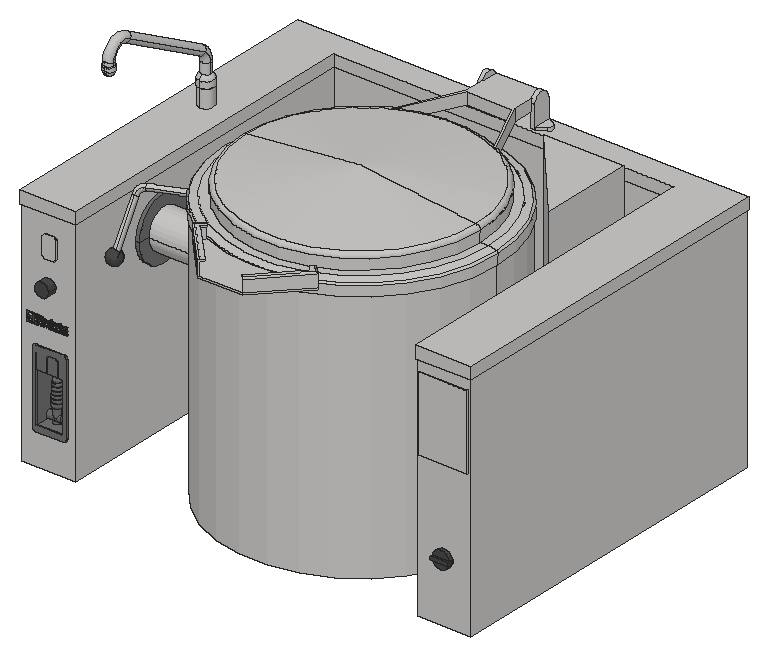
Revit family "QF_ELECTROLUXPROFESSIONAL_586920_PBOT15GDCS", category Specialty Equipment, Revit 2018
Family settings
  Round Connector Dimension = Use Radius
  Part Type = Normal
  Work Plane-Based = No
  Always vertical = Yes
  Cut with Voids When Loaded = No
  Shared = Yes
  Room Calculation Point = No
Parameters (values of type "Standard")
  Weight = 270.00 kg
  Watts = 0 W
  Volts = 230 V
  URL Manufacturer = "http://professional.electrolux.com"
  URL = "http://professional.electrolux.com"
  Tilt Clearance [instance] = 1165 mm
  Steam Supply Size = 0"
  Steam Supply Minimum Pressure = 0.00 psi
  Steam Supply Maximum Pressure = 0.00 psi
  Steam Pounds per Hour = 0
  Show Logo [instance] = yes
  Refrigeration Suction Line Size = 0"
  Refrigeration Liquid Line Size = 0"
  Refrigerant Compressor Remote = yes
  Plinth Base Finish [instance] = QF_Finishes_Concrete
  Plinth Base [instance] = not(Base Height = 500 mm)  # yes
  Phase = 1
  Open Clearance [instance] = 945 mm
  Model = "PBOT15GDCS"
  Manufacturer = "Electrolux Professional"
  Length Actual = 1300 mm  # constant formula
  Item Number = "586920"
  Hot Water Size = 1/2"
  Height Actual = 700 mm  # constant formula
  HP = "0.3 HP"
  Gas Size = 1"
  Gas KW = 26
  Gas Input Pressure = 0.976355 Btu/h
  Direct Waste Size = 0"
  Description = "GAS BOILING PAN,TILTING,AUTO H/C WATER FILL INLET,SPRAY GUN, 150L,H700,FS,D1000,REAR CLS KIT,GUID.COOK.S"
  Depth Actual = 1000 mm  # constant formula
  Cycle = 50 Hz
  Condensate Return Size = 0"
  Compressed Air Volume = 0 GPM
  Compressed Air Size = 0"
  Compressed Air Pressure = 0.00 psi
  Cold Water Size = 1/2"
  Bracket [instance] = Base Height = 500 mm  # no
  Body Finish [instance] = QF_Finishes_Stainless Steel
  Base Height = 200 mm
  Show Clearance [instance] = yes
  Assembly Code = ""
  Accessory = yes
Reference planes
  plane 1 "BACK": y = 200
  plane 2: z = 0
  plane 3 "LEFT": x = 0
  plane 4 "RIGHT": x = 1300
  plane 5 "FRONT": y = -800
  plane 6 "TOP": z = 900
  plane 7: z = 200
  plane 8 "Center": x = 650
  plane 9: z = 1845
  plane 10: y = -890
  plane 11 "Vessel X axis": y = -383
  plane 12: x = 295
  plane 13: y = -493
  plane 14: x = 295
  plane 15 "Top Level": z = 1011
Forms (mm)
  Extrusion 1, solid, material "QF_Finishes_Stainless Steel" <- "Body Finish"
    sketch origin (0, 0, -100) x (1, 0, 0) y (0, 1, 0)
      loop
        line (0, 200) -> (0, -800) -> (160, -800) -> (160, 131.55) -> (1140, 131.55) -> (1140, -800) -> (1300, -800) -> (1300, 200) -> (0, 200)
    from 965 to 1000
  Extrusion 2, solid, material "QF_Finishes_Stainless Steel" <- "Body Finish"
    sketch origin (0, 0, 883.515) x (-1, 0, 0) y (0, -1, 0)
      loop
        line (-585, 890) -> (-715, 890) -> (-829.852, 765.434) -> (-808.623, 744.205)
        arc (-808.623, 744.205) -> (-650, 777.5) -> (-491.377, 744.205) r 394.5
        line (-491.377, 744.205) -> (-470.148, 765.434) -> (-585, 890)
    from 35.452 to 40.127
  Revolve 3, solid, material "QF_Finishes_Stainless Steel" <- "Body Finish"
    sketch origin (0, 50.89, 727.5) x (-1, 0, 0) y (0, -1, 0)
      loop
        line (-170, 486.89) -> (-170, 453.89) -> (-157, 453.89) -> (-157, 543.89) -> (-1143, 543.89) -> (-1143, 453.89) -> (-1130, 453.89) -> (-1130, 486.89) -> (-170, 486.89)
      axis (-1143, 543.89) -> (-157, 543.89)
    angle from 0 to 360
  Extrusion 4, solid, material "QF_Finishes_Stainless Steel" <- "Body Finish"
    sketch origin (0, 200, 0) x (1, 0, 0) y (0, 0, 1)
      loop
        circle (1220, 450) r 10
    from 3 to 0
  Extrusion 5, solid, material "QF_Finishes_Stainless Steel" <- "Body Finish"
    sketch origin (650, 0, 0) x (0, 1, 0) y (0, 0, 1)
      loop
        line (189, 900) -> (189, 963.742)
        arc (189, 963.742) -> (165, 987.742) -> (141, 963.742) r 24
        line (141, 963.742) -> (141, 900) -> (189, 900)
    from 69.2 to 82.1
  Revolve 6, solid, material "QF_Finishes_Stainless Steel" <- "Body Finish"
    sketch origin (0, -383, 0) x (-1, 0, 0) y (0, 0, 1)
      loop
        line (-650, 1011) -> (-650, 930.08) -> (-306.999, 930.08) -> (-306.999, 960.757)
        arc (-306.999, 960.757) -> (-310.325, 969.407) -> (-318.59, 973.601) r 12.912
        arc (-318.59, 973.601) -> (-483.6, 998.46) -> (-650, 1011) r 2246.096
      axis (-650, 1011) -> (-650, 930.08)
    angle from 0 to 360
  Sweep 7, solid, material "QF_Finishes_Stainless Steel" <- "Body Finish"
    path in 3D
      loop
        line (715, -890, 923.642) -> (829.852, -765.434, 923.642) -> (808.623, -744.205, 923.642)
    profile origin (772.426, -827.717, 923.642) x (-0.735191, 0.67786, 0) y (0, 0, 1)
      loop
        line (0, 0) -> (2.5, 0) -> (2.5, 35.781)
        arc (2.5, 35.781) -> (3.003, 36.997) -> (4.219, 37.5) r 1.719
        line (4.219, 37.5) -> (15.313, 37.5) -> (15.313, 40) -> (4.052, 40)
        arc (4.052, 40) -> (1.187, 38.813) -> (0, 35.948) r 4.052
        line (0, 35.948) -> (0, 0)
  Extrusion 8, solid, material "QF_Finishes_Stainless Steel" <- "Body Finish"
    sketch origin (0, 200, 0) x (1, 0, 0) y (0, 0, 1)
      loop
        line (157, 865) -> (157, 500) -> (1143, 500) -> (1143, 865) -> (157, 865)
    from 3 to 65.418
  Extrusion 9, solid, material "QF_Finishes_Stainless Steel" <- "Body Finish"
    sketch origin (650, 0, 0) x (0, 1, 0) y (0, 0, 1)
      loop
        line (189, 900) -> (189, 963.742)
        arc (189, 963.742) -> (165, 987.742) -> (141, 963.742) r 24
        line (141, 963.742) -> (141, 900) -> (189, 900)
    from -82.1 to -69.2
  Extrusion 10, solid, material "QF_Finishes_Stainless Steel" <- "Body Finish"
    sketch origin (0, 0, 1011) x (0, -1, 0) y (1, 0, 0)
      loop
        line (135.733, 481.526) -> (-79, 584.501) -> (-79, 715.499) -> (135.733, 818.474) -> (140.39, 825.445) -> (-83.565, 719.2) -> (-189, 719.2) -> (-189, 580.8) -> (-84, 580.8) -> (140.464, 474.444) -> (135.733, 481.526)
    from -71.258 to -37.399
  Sweep 11, solid, material "QF_Finishes_Stainless Steel" <- "Body Finish"
    path in 3D
      loop
        line (491.377, -744.205, 923.642) -> (470.148, -765.434, 923.642) -> (585, -890, 923.642)
    profile origin (527.574, -827.717, 923.642) x (0.735191, 0.67786, 0) y (0, 0, 1)
      loop
        line (0, 0) -> (2.5, 0) -> (2.5, 35.781)
        arc (2.5, 35.781) -> (3.003, 36.997) -> (4.219, 37.5) r 1.719
        line (4.219, 37.5) -> (15.313, 37.5) -> (15.313, 40) -> (4.052, 40)
        arc (4.052, 40) -> (1.187, 38.813) -> (0, 35.948) r 4.052
        line (0, 35.948) -> (0, 0)
  Extrusion 12, solid, material "QF_Finishes_Stainless Steel" <- "Body Finish"
    sketch origin (0, 0, 900) x (-1, 0, 0) y (0, -1, 0)
      loop
        arc (-758.472, -155.346) -> (-764.2, -165) -> (-758.472, -174.654) r 11
        line (-758.472, -174.654) -> (-732.1, -189.055) -> (-732.1, -140.945) -> (-758.472, -155.346)
      loop
        line (-541.528, -155.346) -> (-567.9, -140.945) -> (-567.9, -189.055) -> (-541.528, -174.654)
        arc (-541.528, -174.654) -> (-535.8, -165) -> (-541.528, -155.346) r 11
    from 0 to 8
  Revolve 13, solid, material "QF_Finishes_Stainless Steel" <- "Body Finish"
    sketch origin (0, -383, 0) x (-1, 0, 0) y (0, 0, 1)
      loop
        line (-650, 930.08) -> (-650, 159.763) -> (-260.5, 159.763) -> (-260.5, 890.048) -> (-255.5, 890.048) -> (-255.5, 918.412) -> (-259.882, 924.275) -> (-280.728, 930.08) -> (-650, 930.08)
      axis (-650, 930.08) -> (-650, 159.763)
    angle from 0 to 360
  Revolve 14, solid, material "QF_Finishes_Clearance", visible <- "Show Clearance", detail levels coarse
    sketch origin (650, 0, 0) x (0, 1, 0) y (0, 0, 1)
      loop
        line (-63.822, 1515.791) -> (-196.661, 1845) -> (-229.118, 1831.903) -> (-96.279, 1502.694) -> (-63.822, 1515.791)
      axis (-63.822, 1515.791) -> (-96.279, 1502.694)
    angle from 0 to 360
  Extrusion 15, solid, material "QF_Finishes_Stainless Steel" <- "Body Finish"
    sketch origin (1100, -797, 0) x (-1, 0, 0) y (0, 0, -1)
      loop
        line (-50, -833.989) -> (-50, -618.989) -> (-189.292, -618.989) -> (-189.292, -833.989) -> (-50, -833.989)
      loop
        line (1029.661, -812.084) -> (1036.975, -804.77) -> (1036.975, -754.399) -> (1029.661, -747.084) -> (1004.29, -747.084) -> (996.975, -754.399) -> (996.975, -804.77) -> (1004.29, -812.084) -> (1029.661, -812.084)
    from 0 to 3
  Extrusion 16, solid, material "QF_Finishes_Black"
    sketch origin (1400, -797, -30) x (-1, 0, 0) y (0, 0, -1)
      loop
        circle (180.286, -405.28) r 25
    from 0 to 10.306
  Extrusion 17, solid, material "QF_Finishes_Black"
    sketch origin (1400, -797, -30) x (-1, 0, 0) y (0, 0, -1)
      loop
        arc (204.667, -410.806) -> (205.286, -405.28) -> (204.667, -399.753) r 25
        line (204.667, -399.753) -> (155.904, -399.753)
        arc (155.904, -399.753) -> (155.286, -405.28) -> (155.904, -410.806) r 25
        line (155.904, -410.806) -> (204.667, -410.806)
    from 0 to 18.276
  Extrusion 18, solid, material "QF_Finishes_Black"
    sketch origin (160, -797, 0) x (-1, 0, 0) y (0, 0, -1)
      loop
        circle (80.781, -678.5) r 20
    from 0 to 25
  Extrusion 19, solid, material "QF_Finishes_Stainless Steel" <- "Body Finish", visible <- "Bracket"
    sketch origin (0, 137, -14) x (0, 1, 0) y (0, 0, 1)
      loop
        line (60, 514) -> (-140, 514) -> (-140, 400) -> (-76.36, 336.36) -> (60, 336.36) -> (60, 514)
    from 25.741 to 134.773
  Extrusion 20, solid, material "QF_Finishes_Stainless Steel" <- "Body Finish", visible <- "Bracket"
    sketch origin (1300, 100, 0) x (0, 1, 0) y (0, 0, 1)
      loop
        line (97, 322.36) -> (97, 500) -> (-103, 500) -> (-103, 386) -> (-39.36, 322.36) -> (97, 322.36)
    from -133.886 to -23.363
  Extrusion 21, solid, material "QF_Finishes_Stainless Steel" <- "Body Finish"
    sketch origin (1400, 200, 0) x (-1, 0, 0) y (0, 0, -1)
      loop
        circle (1350, -395) r 6.35
      loop
        circle (1289.429, -395) r 6.35
      loop
        circle (1319.429, -345) r 12.7
    from 3 to 0
  Extrusion 22, solid, material "QF_Finishes_Stainless Steel" <- "Body Finish"
    sketch origin (0, 0, 0) x (1, 0, 0) y (0, 1, 0)
      loop
        line (1116.003, -18.227) -> (886.003, -18.227) -> (1116.003, -288.227) -> (1116.003, -18.227)
    from 378.064 to 1011
  Extrusion 23, solid, material "QF_Finishes_Stainless Steel" <- "Body Finish"
    sketch origin (0, 0, 0) x (1, 0, 0) y (0, 1, 0)
      loop
        line (1089.577, -257.205) -> (911.249, -47.863) -> (869.377, -85.955)
        arc (869.377, -85.955) -> (965.621, -191.311) -> (1014.735, -325.291) r 369.272
        line (1014.735, -325.291) -> (1089.577, -257.205)
    from 383.064 to 403.064
  Extrusion 24, solid, material "QF_Finishes_Stainless Steel" <- "Body Finish"
    sketch origin (0, 0, 0) x (1, 0, 0) y (0, 1, 0)
      loop
        line (157, 197) -> (3, 197) -> (3, -797) -> (157, -797) -> (157, 197)
      loop
        line (1297, 197) -> (1143, 197) -> (1143, -797) -> (1297, -797) -> (1297, 197)
    from 200 to 865
  Extrusion 25, solid, material "Navy Blue", visible <- "Show Logo"
    sketch origin (160, -797, 0) x (-1, 0, 0) y (0, 0, -1)
      loop
        line (101.332, -593.18) -> (109.793, -593.18) -> (109.793, -583.327)
        arc (109.793, -583.327) -> (108.679, -580.639) -> (105.991, -579.525) r 3.802
        line (105.991, -579.525) -> (101.168, -579.525) -> (101.168, -581.736) -> (105.441, -581.736)
        arc (105.441, -581.736) -> (106.845, -582.21) -> (107.442, -583.566) r 1.838
        line (107.442, -583.566) -> (107.442, -585.52) -> (101.698, -585.52) -> (101.698, -587.738) -> (107.442, -587.738) -> (107.442, -590.968) -> (101.332, -590.968) -> (101.332, -593.18)
      loop
        line (99.498, -593.18) -> (99.498, -579.525) -> (97.146, -579.525) -> (97.146, -593.18) -> (99.498, -593.18)
      loop
        line (48.417, -593.18) -> (48.417, -579.525) -> (46.064, -579.525) -> (46.064, -593.18) -> (48.417, -593.18)
      loop
        line (93.257, -583.886) -> (85.539, -583.886)
        arc (85.539, -583.886) -> (86.746, -588.126) -> (90.874, -589.672) r 4.89
        arc (90.874, -589.672) -> (94.51, -587.828) -> (95.548, -583.886) r 4.976
        arc (95.548, -583.886) -> (94.182, -580.589) -> (90.886, -579.224) r 4.662
        arc (90.886, -579.224) -> (88.32, -579.602) -> (86.169, -581.05) r 5.86
        line (86.169, -581.05) -> (87.562, -582.444)
        arc (87.562, -582.444) -> (89.391, -581.347) -> (91.516, -581.531) r 3.458
        arc (91.516, -581.531) -> (92.812, -582.394) -> (93.257, -583.886) r 2.29
      loop
        line (93.198, -585.539) -> (87.902, -585.539)
        arc (87.902, -585.539) -> (88.645, -587.103) -> (90.278, -587.679) r 2.256
        arc (90.278, -587.679) -> (92.162, -587.188) -> (93.198, -585.539) r 2.64
      loop
        line (76.371, -586.524) -> (74.894, -588)
        arc (74.894, -588) -> (76.746, -589.341) -> (78.997, -589.742) r 5.117
        arc (78.997, -589.742) -> (82.429, -588.487) -> (84.231, -585.308) r 5.293
        arc (84.231, -585.308) -> (81.194, -579.733) -> (74.977, -581.018) r 5.33
        line (74.977, -581.018) -> (76.446, -582.487)
        arc (76.446, -582.487) -> (79.616, -581.438) -> (81.887, -583.886) r 3.088
        arc (81.887, -583.886) -> (81.729, -585.821) -> (80.396, -587.234) r 2.933
        arc (80.396, -587.234) -> (78.264, -587.559) -> (76.371, -586.524) r 3.369
      loop
        line (73.45, -593.18) -> (73.45, -583.849)
        arc (73.45, -583.849) -> (73.246, -582.449) -> (72.722, -581.135) r 6.031
        arc (72.722, -581.135) -> (71.044, -579.8) -> (68.918, -579.519) r 4.018
        line (68.918, -579.519) -> (68.918, -581.723)
        arc (68.918, -581.723) -> (69.55, -581.771) -> (70.139, -582.005) r 2.118
        arc (70.139, -582.005) -> (70.895, -582.804) -> (71.098, -583.886) r 1.949
        line (71.098, -583.886) -> (71.098, -587.265) -> (68.962, -587.265) -> (68.962, -589.401) -> (71.098, -589.401) -> (71.098, -593.18) -> (73.45, -593.18)
      loop
        arc (64.65, -584.717) -> (64.482, -585.701) -> (63.997, -586.574) r 2.967
        arc (63.997, -586.574) -> (62.588, -587.297) -> (61.004, -587.265) r 3.231
        line (61.004, -587.265) -> (61.004, -589.525)
        arc (61.004, -589.525) -> (63.073, -589.33) -> (64.65, -587.977) r 3.432
        line (64.65, -587.977) -> (64.65, -589.401) -> (66.983, -589.401) -> (66.983, -579.525) -> (64.65, -579.525) -> (64.65, -584.717)
      loop
        circle (55.254, -584.461) r 5.233
      loop
        circle (55.254, -584.461) r 3.172
      loop
        arc (37.582, -583.638) -> (38.162, -582.041) -> (39.738, -581.405) r 2.088
        arc (39.738, -581.405) -> (41.313, -582.041) -> (41.894, -583.638) r 2.088
        line (41.894, -583.638) -> (41.894, -589.401) -> (44.266, -589.401) -> (44.266, -583.442)
        arc (44.266, -583.442) -> (42.916, -580.365) -> (39.738, -579.275) r 4.181
        arc (39.738, -579.275) -> (36.524, -580.398) -> (35.211, -583.539) r 4.181
        line (35.211, -583.539) -> (35.211, -589.401) -> (37.582, -589.401) -> (37.582, -583.638)
      loop
        line (33.789, -589.401) -> (30.374, -584.764) -> (34.126, -579.522) -> (31.598, -579.522) -> (29.107, -583.001) -> (26.58, -579.522) -> (24.068, -579.522) -> (27.767, -584.817) -> (24.385, -589.401) -> (26.952, -589.401) -> (29.115, -586.469) -> (31.245, -589.401) -> (33.789, -589.401)
      loop
        line (108.47, -573.865) -> (110.346, -573.865) -> (110.346, -569.143) -> (109.319, -569.143) -> (109.319, -570.769) -> (108.185, -570.769)
        arc (108.185, -570.769) -> (106.916, -572.447) -> (108.47, -573.865) r 1.561
      loop
        arc (108.23, -571.697) -> (107.841, -572.304) -> (108.23, -572.911) r 0.668
        line (108.23, -572.911) -> (109.319, -572.911) -> (109.319, -571.697) -> (108.23, -571.697)
      loop
        line (101.061, -573.865) -> (102.968, -573.865) -> (102.968, -569.143) -> (101.942, -569.143) -> (101.942, -570.769) -> (100.949, -570.769) -> (100.27, -569.143) -> (99.168, -569.143) -> (100.097, -571.134)
        arc (100.097, -571.134) -> (99.652, -571.665) -> (99.502, -572.343) r 1.458
        arc (99.502, -572.343) -> (99.971, -573.421) -> (101.061, -573.865) r 1.559
      loop
        line (101.942, -572.911) -> (101.942, -571.697) -> (100.852, -571.697)
        arc (100.852, -571.697) -> (100.464, -572.304) -> (100.852, -572.911) r 0.668
        line (100.852, -572.911) -> (101.942, -572.911)
      loop
        circle (93.139, -571.504) r 2.453
      loop
        circle (93.139, -571.504) r 1.557
      loop
        line (86.655, -573.865) -> (86.655, -569.143) -> (85.654, -569.143) -> (85.654, -570.793) -> (83.876, -570.793) -> (83.876, -571.851) -> (85.654, -571.851) -> (85.654, -572.847) -> (83.706, -572.847) -> (83.706, -573.865) -> (86.655, -573.865)
      loop
        line (79.724, -573.865) -> (79.724, -570.677)
        arc (79.724, -570.677) -> (79.288, -569.596) -> (78.213, -569.146) r 1.51
        line (78.213, -569.146) -> (76.689, -569.146) -> (76.689, -570.038) -> (78.122, -570.038)
        arc (78.122, -570.038) -> (78.65, -570.475) -> (78.753, -571.151) r 0.961
        line (78.753, -571.151) -> (76.866, -571.151) -> (76.866, -572.043) -> (78.753, -572.043) -> (78.753, -572.973) -> (76.735, -572.973) -> (76.735, -573.865) -> (79.724, -573.865)
      loop
        arc (62.624, -573.267) -> (63.249, -573.78) -> (64.041, -573.943) r 1.69
        arc (64.041, -573.943) -> (64.773, -573.764) -> (65.374, -573.31) r 1.872
        arc (65.374, -573.31) -> (65.486, -572.238) -> (64.794, -571.411) r 1.385
        arc (64.794, -571.411) -> (64.212, -571.217) -> (63.66, -570.95) r 4.78
        arc (63.66, -570.95) -> (63.312, -570.539) -> (63.552, -570.057) r 0.489
        arc (63.552, -570.057) -> (63.998, -569.952) -> (64.442, -570.065) r 0.963
        arc (64.442, -570.065) -> (64.826, -570.341) -> (65.061, -570.752) r 1.118
        line (65.061, -570.752) -> (65.887, -570.367)
        arc (65.887, -570.367) -> (65.589, -569.793) -> (65.11, -569.36) r 1.815
        arc (65.11, -569.36) -> (64.566, -569.127) -> (63.978, -569.068) r 1.957
        arc (63.978, -569.068) -> (63.25, -569.213) -> (62.595, -569.561) r 2.556
        arc (62.595, -569.561) -> (62.305, -570.331) -> (62.455, -571.139) r 1.535
        arc (62.455, -571.139) -> (62.778, -571.512) -> (63.19, -571.781) r 1.779
        arc (63.19, -571.781) -> (63.712, -572.014) -> (64.248, -572.215) r 9.371
        arc (64.248, -572.215) -> (64.557, -572.696) -> (64.11, -573.053) r 0.427
        arc (64.11, -573.053) -> (63.575, -572.924) -> (63.163, -572.558) r 1.135
        line (63.163, -572.558) -> (62.624, -573.267)
      loop
        line (58.291, -573.865) -> (58.291, -569.146) -> (57.321, -569.146) -> (57.321, -573.865) -> (58.291, -573.865)
      loop
        circle (50.779, -571.506) r 1.468
      loop
        circle (50.779, -571.506) r 2.451
      loop
        line (44.27, -569.146) -> (43.289, -569.146) -> (43.289, -572.113) -> (41.131, -569.146) -> (40.187, -569.146) -> (40.187, -573.865) -> (41.168, -573.865) -> (41.168, -570.808) -> (43.326, -573.865) -> (44.27, -573.865) -> (44.27, -569.146)
      loop
        line (35.295, -569.146) -> (34.836, -570.164) -> (33.09, -570.164) -> (32.631, -569.146) -> (31.588, -569.146) -> (33.581, -573.865) -> (34.491, -573.865) -> (36.337, -569.146) -> (35.295, -569.146)
      loop
        line (33.526, -571.132) -> (33.993, -572.169) -> (34.447, -571.132) -> (33.526, -571.132)
      loop
        line (26.769, -570.038) -> (26.769, -573.865) -> (27.739, -573.865) -> (27.739, -569.146) -> (24.954, -569.146) -> (24.954, -570.038) -> (26.769, -570.038)
      loop
        arc (69.698, -573.267) -> (70.324, -573.78) -> (71.116, -573.943) r 1.69
        arc (71.116, -573.943) -> (71.847, -573.764) -> (72.449, -573.31) r 1.872
        arc (72.449, -573.31) -> (72.56, -572.238) -> (71.868, -571.411) r 1.385
        arc (71.868, -571.411) -> (71.287, -571.217) -> (70.735, -570.95) r 4.78
        arc (70.735, -570.95) -> (70.386, -570.539) -> (70.627, -570.057) r 0.489
        arc (70.627, -570.057) -> (71.073, -569.952) -> (71.517, -570.065) r 0.963
        arc (71.517, -570.065) -> (71.901, -570.341) -> (72.136, -570.752) r 1.118
        line (72.136, -570.752) -> (72.961, -570.367)
        arc (72.961, -570.367) -> (72.664, -569.793) -> (72.184, -569.36) r 1.815
        arc (72.184, -569.36) -> (71.64, -569.127) -> (71.052, -569.068) r 1.957
        arc (71.052, -569.068) -> (70.325, -569.213) -> (69.669, -569.561) r 2.556
        arc (69.669, -569.561) -> (69.38, -570.331) -> (69.529, -571.139) r 1.535
        arc (69.529, -571.139) -> (69.852, -571.512) -> (70.265, -571.781) r 1.779
        arc (70.265, -571.781) -> (70.787, -572.014) -> (71.322, -572.215) r 9.371
        arc (71.322, -572.215) -> (71.632, -572.696) -> (71.185, -573.053) r 0.427
        arc (71.185, -573.053) -> (70.649, -572.924) -> (70.238, -572.558) r 1.135
        line (70.238, -572.558) -> (69.698, -573.267)
      loop
        line (124.467, -593.367) -> (124.467, -568.534)
        arc (124.467, -568.534) -> (115.287, -580.95) -> (124.467, -593.367) r 12.987
      loop
        arc (125.423, -593.446) -> (135.891, -591.227) -> (141.022, -581.837) r 12.809
        line (141.022, -581.837) -> (135.422, -581.837)
        arc (135.422, -581.837) -> (128.84, -585.012) -> (125.423, -591.472) r 11.707
        line (125.423, -591.472) -> (125.423, -593.446)
      loop
        arc (125.73, -570.332) -> (129.585, -577.251) -> (136.925, -580.23) r 11.93
        line (136.925, -580.23) -> (141.033, -580.23)
        arc (141.033, -580.23) -> (136.066, -570.804) -> (125.73, -568.215) r 13.06
        line (125.73, -568.215) -> (125.73, -570.332)
      loop
        line (141.976, -594.722) -> (141.976, -567.122) -> (114.339, -567.122) -> (114.339, -594.722) -> (141.976, -594.722)
    from 0 to 0.697
  Extrusion 26, void
    sketch origin (0, -800, 0) x (1, 0, 0) y (0, 0, 1)
      loop
        line (125.4, 500.944) -> (43.4, 500.944) -> (43.4, 305.944) -> (125.4, 305.944) -> (125.4, 500.944)
    from 0 to -63
Cuts and joins
  joined: Revolve 6, Extrusion 10
  Extrusion 26 cuts Extrusion 24
Lines and regions (mm)
  Split face 1
    outline origin (1100, -800, 0) x (-1, 0, 0) y (0, 0, -1)
      loop
        line (-55.679, -826.533) -> (-55.679, -691.533) -> (-182.471, -691.533) -> (-182.471, -826.533) -> (-55.679, -826.533)
  Split face 2
    outline origin (1100, -800, 0) x (-1, 0, 0) y (0, 0, -1)
      loop
        line (-55.679, -691.533) -> (-55.679, -625.535) -> (-182.471, -625.535) -> (-182.471, -691.533) -> (-55.679, -691.533)
  Split face 3
    outline origin (1100, -800, 0) x (-1, 0, 0) y (0, 0, -1)
      loop
        line (-64.847, -818.972) -> (-64.847, -698.972) -> (-171.638, -698.972) -> (-171.638, -818.972) -> (-64.847, -818.972)
  Split face 4
    outline origin (1100, -800, 0) x (-1, 0, 0) y (0, 0, -1)
      loop
        line (1029.036, -812.084) -> (1036.35, -804.77) -> (1036.35, -754.399) -> (1029.036, -747.084) -> (1029.036, -812.084)
  Split face 5
    outline origin (-933.951, -800, 0) x (1, 0, 0) y (0, 0, 1)
      loop
        line (1029.036, 812.084) -> (1029.036, 747.084) -> (1036.35, 754.399) -> (1036.35, 804.77) -> (1029.036, 812.084)
  Split face 6
    outline origin (0, 0, 1011) x (1, 0, 0) y (0, 1, 0)
      loop
        line (1106.003, -28.227) -> (908.003, -28.227) -> (1106.003, -260.227) -> (1106.003, -28.227)
  sketch lines
    curve 1: line (715, -890, 923.642) -> (829.852, -765.434, 923.642)
    curve 2: line (829.852, -765.434, 923.642) -> (808.623, -744.205, 923.642)
    curve 3: line (470.148, -765.434, 923.642) -> (585, -890, 923.642)
    curve 4: line (491.377, -744.205, 923.642) -> (470.148, -765.434, 923.642)
  symbolic lines
    curve 5: line (170, -403, 0) -> (160, -403, 0)
    curve 6: line (170, -403, 0) -> (170, -583, 0)
    curve 7: line (170, -583, 0) -> (160, -583, 0)
    curve 8: line (1130, -403, 0) -> (1140, -403, 0)
    curve 9: line (1130, -403, 0) -> (1130, -583, 0)
    curve 10: line (1130, -583, 0) -> (1140, -583, 0)
    curve 11: line (1130, -436.539, 0) -> (1040.85, -436.539, 0)
    curve 12: line (1130, -549.461, 0) -> (1007.66, -549.461, 0)
    curve 13: line (170, -436.539, 0) -> (259.15, -436.539, 0)
    curve 14: line (170, -549.461, 0) -> (292.34, -549.461, 0)
    curve 15: line (160, -800, 0) -> (160, 131.55, 0)
    curve 16: line (0, -800, 0) -> (160, -800, 0)
    curve 17: line (0, 200, 0) -> (0, -800, 0)
    curve 18: line (160, 131.55, 0) -> (580.8, 131.55, 0)
    curve 19: line (1300, 200, 0) -> (0, 200, 0)
    curve 20: line (1140, 131.55, 0) -> (1140, -800, 0)
    curve 21: line (1300, -800, 0) -> (1300, 200, 0)
    curve 22: line (1140, -800, 0) -> (1300, -800, 0)
    curve 23: line (585, -890, 0) -> (595.018, -878.416, 0)
    curve 24: line (715, -890, 0) -> (703.742, -879.62, 0)
    curve 25: line (808.628, -765.864, 0) -> (703.742, -879.62, 0)
    curve 26: line (797.796, -755.032, 0) -> (808.628, -765.864, 0)
    curve 27: circle (650, -383, 0) r 394.5 normal (0, 0, 1)
    curve 28: line (595.018, -878.416, 0) -> (492.231, -765.006, 0)
    curve 29: line (719.2, 131.55, 0) -> (1140, 131.55, 0)
    curve 30: line (492.231, -765.006, 0) -> (502.204, -755.032, 0)
    curve 39: line (1116.003, -288.227, 0) -> (1116.003, -18.227, 0)
    curve 40: line (1116.003, -18.227, 0) -> (886.003, -18.227, 0)
    curve 41: line (886.003, -18.227, 0) -> (1116.003, -288.227, 0)
    curve 42: line (908.003, -28.227, 0) -> (1106.003, -260.227, 0)
    curve 43: line (1106.003, -28.227, 0) -> (908.003, -28.227, 0)
    curve 44: line (1106.003, -260.227, 0) -> (1106.003, -28.227, 0)
    curve 45: line (911.249, -47.863, 0) -> (888.38, -68.667, 0)
    curve 46: line (1036.763, -305.252, 0) -> (1089.577, -257.205, 0)
  model lines, style "QF-Clearances", visible <- "Show Clearance", detail levels coarse
    curve 31: arc (650, -890, 962.331) -> (650, -936.299, 677.621) -> (650, -800, 423.405) r 449.438
  symbolic lines, style "QF-Clearances", visible <- "Show Clearance", detail levels coarse
    curve 32: line (400, -300, 0) -> (900, -300, 0)
    curve 33: line (400, -1550, 0) -> (400, -300, 0)
    curve 34: line (900, -1550, 0) -> (400, -1550, 0)
    curve 35: line (900, -300, 0) -> (900, -1550, 0)
    curve 36: line (900, -956, 0) -> (700, -1550, 0)
    curve 37: line (400, -956, 0) -> (600, -1550, 0)
    curve 38: circle (650, -1500, 0) r 25 normal (0, 0, 1)
Dimensions and locks
  plane 3 "LEFT" to plane 4 "RIGHT" = 1300 mm
  plane 4 "RIGHT" to plane 3 "LEFT" = 1300 mm
  plane 1 "BACK" to plane 5 "FRONT" = 1000 mm
  plane 5 "FRONT" to plane 1 "BACK" = 1000 mm
  "Base Height": plane 7 to level
  equal spacing: plane 3 "LEFT", plane 8 "Center", plane 4 "RIGHT"
  "Open Clearance": plane 9 to plane 6 "TOP"
  locked: Extrusion 8 sketch curve to Extrusion 8 sketch curve at 365
  plane 4 "RIGHT" to Extrusion 4 sketch curve = 80 mm
  plane 10 to plane 1 "BACK" = 1090 mm
  locked: Extrusion 2 sketch curve to Extrusion 2 sketch curve at 30.022  (x2)
  plane 1 "BACK" to plane 11 "Vessel X axis" = 583 mm
  equal spacing: Extrusion 10 sketch curve, plane 8 "Center", Extrusion 10 sketch curve
  locked: Extrusion 10 sketch curve to Extrusion 10 sketch curve at 138.4
  Extrusion 10 sketch curve to Extrusion 10 sketch curve to plane 11 "Vessel X axis" = 4.732 mm locked, 242.536 mm locked
  Extrusion 10 sketch curve to Extrusion 10 sketch curve to plane 11 "Vessel X axis" = 4.657 mm locked, 242.61 mm locked
  Extrusion 10 sketch curve to Extrusion 10 sketch curve to plane 1 "BACK" = 110 mm locked, 11 mm locked
  plane 11 "Vessel X axis" to Revolve 3 sketch curve = 110 mm
  Revolve 3 sketch curve to Revolve 3 sketch curve to Revolve 3 sketch curve to Revolve 3 sketch curve = 33 mm locked, 57 mm locked, 0 mm locked
  plane 11 "Vessel X axis" to plane 13 = 110 mm
  equal spacing: curve 5, plane 13, curve 7
  locked: curve 5 to curve 7 at 180
  equal spacing: curve 11, plane 13, curve 12
  locked: curve 11 to curve 12 at 112.922
  plane 14 to plane 8 "Center" = 355 mm
  Revolve 13 sketch curve to Revolve 13 sketch curve to Revolve 13 sketch curve to Revolve 13 sketch curve to plane 14 = 4.382 mm locked, 0.618 mm locked, 20.228 mm locked, 14.272 mm locked
  plane 12 to plane 8 "Center" = 355 mm
  Revolve 6 sketch curve to Revolve 6 sketch curve to plane 12 = 11.591 mm, 11.999 mm locked
  Revolve 14 sketch curve to Revolve 14 sketch curve = 355 mm
  locked: Extrusion 17 sketch curve to Extrusion 17 sketch curve at 11.053
  locked: Extrusion 15 sketch curve to Extrusion 15 sketch curve at 215
  Extrusion 15 sketch curve to Extrusion 15 sketch curve to Extrusion 15 sketch curve to Extrusion 15 sketch curve = 7.315 mm locked, 50.371 mm, 7.315 mm locked
  Extrusion 19 sketch curve to Extrusion 19 sketch curve to Extrusion 19 sketch curve = 114 mm locked, 63.64 mm locked
  Extrusion 20 sketch curve to Extrusion 20 sketch curve to Extrusion 20 sketch curve = 114 mm locked, 63.64 mm locked
  locked: plane 6 "TOP" to level at 900
  locked: Extrusion 20 sketch curve to level at 322.36
  locked: level to Extrusion 19 sketch curve at 322.36
  locked: Extrusion 16 sketch curve to level at 375.28
  locked: Extrusion 17 sketch curve to level at 369.753
  locked: Extrusion 4 sketch curve to level at 450
  locked: Extrusion 21 sketch curve to level at 395
  plane 15 "Top Level" to Revolve 6 sketch curve to Revolve 6 sketch curve to Revolve 6 sketch curve = 37.399 mm locked, 12.844 mm locked, 30.677 mm locked
  plane 15 "Top Level" to Revolve 13 sketch curve to Revolve 13 sketch curve to Revolve 13 sketch curve to Revolve 13 sketch curve = 80.92 mm locked, 5.805 mm locked, 5.863 mm locked, 28.364 mm locked
  locked: plane 15 "Top Level" to nested 1 at 60.055
  plane 15 "Top Level" to Extrusion 2 to Extrusion 2 = 87.358 mm locked, 4.675 mm locked
  locked: Extrusion 5 sketch curve to plane 15 "Top Level" at 47.258
  locked: Extrusion 9 sketch curve to plane 15 "Top Level" at 47.258
  plane 15 "Top Level" to plane 6 "TOP" = 111 mm
  locked: curve 31 to plane 15 "Top Level" at 48.669
  curve 32 to plane 1 "BACK" = 500 mm
  plane 1 "BACK" to curve 34 = 1750 mm
  locked: curve 33 to curve 35 at 500
  equal spacing: curve 33, plane 8 "Center", curve 35
  Extrusion 22 sketch curve to Extrusion 22 sketch curve to plane 4 "RIGHT" = 230 mm locked, 183.997 mm locked
  Extrusion 22 sketch curve to Extrusion 22 sketch curve to plane 1 "BACK" = 270 mm locked, 218.227 mm locked
  locked: Extrusion 23 sketch curve to Extrusion 22 at 40.73
  locked: Extrusion 22 to Extrusion 23 sketch curve at 38.911
  Extrusion 23 sketch curve to Extrusion 22 to Extrusion 23 sketch curve = 115.863 mm locked, 158.991 mm locked
  locked: Revolve 13 sketch curve to level at 159.763
  locked: plane 9 to Revolve 14 sketch curve (angle 21.9745°)
  aligned and locked: level to plane 2
  aligned and locked: Extrusion 8 to Extrusion 1
  aligned and locked: plane 10 to Extrusion 2 sketch curve
  aligned and locked: plane 8 "Center" to Revolve 6 sketch curve  (x2)
  aligned and locked: Revolve 3 sketch curve to Revolve 3 sketch curve
  aligned and locked: Revolve 3 to Revolve 3  (x2)
  aligned and locked: curve 15 to Extrusion 1
  aligned and locked: Revolve 3 to curve 6
  aligned and locked: curve 20 to Extrusion 1
  aligned and locked: Revolve 3 to curve 9
  aligned and locked: curve 24 to Sweep 7
  aligned and locked: curve 25 to Sweep 7
  aligned and locked: curve 26 to Sweep 7
  aligned and locked: curve 12 to curve 14
  aligned and locked: curve 11 to curve 13
  aligned and locked: curve 5 to curve 8
  aligned and locked: curve 7 to curve 10
  aligned and locked: curve 27 to Revolve 13
  aligned and locked: Extrusion 2 sketch curve to Revolve 13
  aligned and locked: Sweep 11 to curve 30  (x2)
  aligned and locked: plane 15 "Top Level" to Revolve 6 sketch curve
  aligned and locked: plane 5 "FRONT" to curve 31
  aligned and locked: Extrusion 23 sketch curve to Revolve 13
  aligned and locked: Extrusion 22 to Extrusion 23 sketch curve
  aligned and locked: Extrusion 22 to plane 15 "Top Level"
  aligned and locked: curve 39 to Extrusion 22
  aligned and locked: curve 40 to Extrusion 22
  aligned and locked: curve 41 to Extrusion 22
  aligned and locked: curve 42 to Split face 6
  aligned and locked: curve 43 to Split face 6
  aligned and locked: curve 44 to Split face 6
  aligned and locked: curve 45 to Extrusion 23
  aligned and locked: Extrusion 23 to curve 46
Automatic sketch dimensions
  plane 1 "BACK" to Extrusion 12 sketch curve = 44.654 mm  (x2)
  plane 8 "Center" to Extrusion 12 sketch curve = 108.472 mm
  plane 1 "BACK" to Extrusion 12 sketch curve = 25.346 mm  (x2)
  Extrusion 12 sketch curve to Extrusion 12 sketch curve = 0 mm
  Extrusion 12 sketch curve to Extrusion 12 sketch curve = 5.272 mm  (x3)
  Extrusion 12 sketch curve to Extrusion 12 sketch curve = 26.372 mm
  plane 1 "BACK" to Extrusion 12 sketch curve = 10.945 mm  (x2)
  Extrusion 12 sketch curve to plane 8 "Center" = 82.1 mm
  Extrusion 12 sketch curve to Extrusion 12 sketch curve = 21.1 mm
  Extrusion 12 sketch curve to Extrusion 12 sketch curve = 14.4 mm  (x2)
  Revolve 14 sketch curve to plane 9 = 0 mm
  Revolve 14 sketch curve to plane 9 = 13.097 mm
  plane 11 "Vessel X axis" to Revolve 14 sketch curve = 153.882 mm
  Revolve 14 sketch curve to Revolve 14 sketch curve = 23.184 mm
  Revolve 14 sketch curve to Revolve 14 sketch curve = 0 mm  (x2)
  Revolve 14 sketch curve to Revolve 14 sketch curve = 9.355 mm
  Extrusion 16 sketch curve to plane 4 "RIGHT" = 80.286 mm
  Extrusion 17 sketch curve to Extrusion 17 sketch curve = 0 mm  (x3)
  Extrusion 17 sketch curve to plane 4 "RIGHT" = 55.904 mm
  Extrusion 17 sketch curve to Extrusion 17 sketch curve = 24.382 mm  (x2)
  plane 1 "BACK" to Extrusion 19 sketch curve = 203 mm
  Extrusion 19 sketch curve to Extrusion 19 sketch curve = 63.64 mm
  plane 1 "BACK" to Extrusion 19 sketch curve = 3 mm
  plane 1 "BACK" to Extrusion 20 sketch curve = 203 mm
  Extrusion 20 sketch curve to Extrusion 20 sketch curve = 63.64 mm
  plane 1 "BACK" to Extrusion 20 sketch curve = 3 mm
  Extrusion 10 sketch curve to Extrusion 10 sketch curve = 5 mm
  Extrusion 10 sketch curve to Extrusion 10 sketch curve = 4.565 mm
  Extrusion 10 sketch curve to plane 8 "Center" = 168.474 mm
  Extrusion 10 sketch curve to Extrusion 10 sketch curve = 7.081 mm
  Extrusion 10 sketch curve to Extrusion 10 sketch curve = 3.701 mm  (x2)
  plane 8 "Center" to Extrusion 10 sketch curve = 168.474 mm
  Extrusion 10 sketch curve to Extrusion 10 sketch curve = 6.97 mm
  plane 1 "BACK" to curve 19 = 0 mm
  curve 19 to plane 3 "LEFT" = 0 mm
  plane 10 to curve 23 = 0 mm
  curve 38 to plane 8 "Center" = 0 mm
  plane 10 to curve 24 = 0 mm
  curve 21 to plane 4 "RIGHT" = 0 mm
  plane 5 "FRONT" to curve 21 = 0 mm
  plane 5 "FRONT" to curve 16 = 0 mm
  curve 28 to plane 5 "FRONT" = 34.994 mm
  curve 28 to plane 10 = 11.584 mm
  curve 28 to plane 8 "Center" = 54.982 mm
  curve 37 to curve 38 = 50 mm
  plane 1 "BACK" to curve 20 = 68.45 mm
  plane 1 "BACK" to curve 18 = 68.45 mm
  curve 18 to plane 8 "Center" = 69.2 mm
  curve 23 to curve 23 = 10.018 mm
  curve 37 to plane 8 "Center" = 50 mm
  plane 8 "Center" to curve 36 = 50 mm
  plane 8 "Center" to curve 29 = 69.2 mm
  curve 26 to plane 5 "FRONT" = 44.968 mm
  plane 10 to curve 36 = 66 mm
  plane 10 to curve 37 = 66 mm
  curve 31 to plane 10 = 0 mm
  curve 31 to plane 13 = 0 mm
  curve 31 to plane 6 "TOP" = 148.348 mm
  Extrusion 1 sketch curve to plane 3 "LEFT" = 0 mm
  plane 5 "FRONT" to Extrusion 1 sketch curve = 0 mm  (x2)
  Extrusion 1 sketch curve to plane 4 "RIGHT" = 0 mm
  plane 1 "BACK" to Extrusion 1 sketch curve = 0 mm
  plane 3 "LEFT" to Extrusion 1 sketch curve = 160 mm
  plane 1 "BACK" to Extrusion 1 sketch curve = 68.45 mm
  Extrusion 1 sketch curve to plane 4 "RIGHT" = 160 mm
  plane 8 "Center" to Extrusion 2 sketch curve = 65 mm
  Extrusion 2 sketch curve to plane 5 "FRONT" = 55.795 mm  (x2)
  Extrusion 2 sketch curve to plane 5 "FRONT" = 34.566 mm  (x2)
  Extrusion 2 sketch curve to plane 8 "Center" = 65 mm
  Revolve 3 sketch curve to plane 4 "RIGHT" = 157 mm
  Revolve 3 sketch curve to Revolve 3 sketch curve = 13 mm  (x2)
  plane 3 "LEFT" to Revolve 3 sketch curve = 170 mm
  Revolve 3 sketch curve to Revolve 3 sketch curve = 3 mm
  Revolve 3 sketch curve to Revolve 3 sketch curve = 27 mm
  Extrusion 5 sketch curve to plane 6 "TOP" = 0 mm
  plane 1 "BACK" to Extrusion 5 sketch curve = 59 mm
  Extrusion 5 sketch curve to Extrusion 5 sketch curve = 24 mm
  plane 8 "Center" to Revolve 6 sketch curve = 85.468 mm
  plane 7 to Revolve 6 sketch curve = 208.515 mm
  Revolve 6 sketch curve to plane 15 "Top Level" = 103.571 mm
  Sweep 7 sketch curve to profile plane = 0 mm
  profile plane to Sweep 7 sketch curve = 0 mm
  Sweep 7 sketch curve to profile plane = 2.5 mm
  Sweep 7 sketch curve to profile plane = 4.052 mm
  Sweep 7 sketch curve to Sweep 7 sketch curve = 0.167 mm  (x2)
  Sweep 7 sketch curve to Sweep 7 sketch curve = 11.093 mm
  profile plane to Sweep 7 sketch curve = 35.781 mm
  plane 3 "LEFT" to Extrusion 8 sketch curve = 157 mm
  Extrusion 8 sketch curve to plane 4 "RIGHT" = 157 mm
  plane 7 to Extrusion 8 sketch curve = 300 mm
  Extrusion 9 sketch curve to plane 6 "TOP" = 0 mm
  plane 1 "BACK" to Extrusion 9 sketch curve = 59 mm
  Extrusion 9 sketch curve to Extrusion 9 sketch curve = 24 mm
  Sweep 11 sketch curve to profile plane = 0 mm  (x2)
  Sweep 11 sketch curve to Sweep 11 sketch curve = 2.5 mm
  Sweep 11 sketch curve to profile plane = 4.052 mm
  Sweep 11 sketch curve to Sweep 11 sketch curve = 0.167 mm  (x2)
  Sweep 11 sketch curve to Sweep 11 sketch curve = 11.093 mm
  profile plane to Sweep 11 sketch curve = 35.781 mm
  Revolve 13 sketch curve to plane 8 "Center" = 0 mm  (x2)
  Revolve 13 sketch curve to Revolve 13 sketch curve = 20 mm
  Revolve 13 sketch curve to Revolve 13 sketch curve = 0 mm
  Extrusion 15 sketch curve to plane 4 "RIGHT" = 10.708 mm
  Extrusion 15 sketch curve to Extrusion 15 sketch curve = 139.292 mm
  plane 3 "LEFT" to Extrusion 15 sketch curve = 103.025 mm
  Extrusion 15 sketch curve to Extrusion 15 sketch curve = 7.315 mm  (x5)
  Extrusion 15 sketch curve to Extrusion 15 sketch curve = 25.371 mm  (x2)
  Extrusion 15 sketch curve to plane 6 "TOP" = 66.011 mm
  Extrusion 15 sketch curve to plane 6 "TOP" = 87.916 mm
  Split face 1 sketch curve to Extrusion 15 = 6.821 mm
  Split face 1 sketch curve to Extrusion 15 = 5.679 mm
  Split face 1 sketch curve to Extrusion 15 = 7.456 mm
  Extrusion 15 to Split face 1 sketch curve = 55.552 mm
  Split face 2 sketch curve to Extrusion 15 = 6.821 mm
  Split face 2 sketch curve to Extrusion 15 = 5.679 mm
  Extrusion 15 to Split face 2 sketch curve = 55.552 mm
  Split face 2 sketch curve to Extrusion 15 = 6.547 mm
  Extrusion 15 to Split face 3 sketch curve = 6.887 mm
  Split face 3 sketch curve to Extrusion 15 = 17.653 mm
  Split face 3 sketch curve to Extrusion 15 = 14.847 mm
  Extrusion 15 to Split face 3 sketch curve = 48.113 mm
  Split face 4 sketch curve to Extrusion 15 = 0 mm  (x2)
  Split face 4 sketch curve to Extrusion 15 = 7.94 mm
  Split face 4 sketch curve to Extrusion 15 = 0.625 mm
  Split face 4 sketch curve to Extrusion 15 = 7.315 mm  (x2)
  Split face 5 sketch curve to Extrusion 15 = 0 mm  (x2)
  Split face 5 sketch curve to Extrusion 15 = 7.94 mm
  Split face 5 sketch curve to Extrusion 15 = 0.625 mm
  Split face 5 sketch curve to Extrusion 15 = 7.315 mm  (x2)
  plane 3 "LEFT" to Extrusion 18 sketch curve = 79.219 mm
  Extrusion 18 sketch curve to plane 6 "TOP" = 221.5 mm
  Extrusion 21 sketch curve to plane 3 "LEFT" = 110.571 mm
  Extrusion 21 sketch curve to Extrusion 21 sketch curve = 30 mm
  Extrusion 21 sketch curve to plane 3 "LEFT" = 50 mm
  Extrusion 21 sketch curve to Extrusion 21 sketch curve = 50 mm
  Split face 6 sketch curve to Extrusion 22 = 10 mm  (x2)
  Split face 6 sketch curve to Extrusion 22 = 208 mm
  Split face 6 sketch curve to Split face 6 sketch curve = 232 mm
  plane 3 "LEFT" to Extrusion 24 sketch curve = 3 mm
  plane 1 "BACK" to Extrusion 24 sketch curve = 3 mm  (x2)
  Extrusion 24 sketch curve to Extrusion 24 sketch curve = 154 mm
  Extrusion 24 sketch curve to plane 4 "RIGHT" = 157 mm
  Extrusion 24 sketch curve to plane 4 "RIGHT" = 3 mm
  Extrusion 24 sketch curve to plane 5 "FRONT" = 3 mm  (x2)
  Extrusion 25 sketch curve to Extrusion 25 sketch curve = 0 mm  (x33)
  plane 3 "LEFT" to Extrusion 25 sketch curve = 135.932 mm
  Extrusion 25 sketch curve to Extrusion 25 sketch curve = 0.317 mm
  Extrusion 25 sketch curve to Extrusion 25 sketch curve = 0.886 mm
  Extrusion 25 sketch curve to Extrusion 25 sketch curve = 2.512 mm
  Extrusion 25 sketch curve to Extrusion 25 sketch curve = 1.815 mm
  Extrusion 25 sketch curve to Extrusion 25 sketch curve = 2.567 mm
  Extrusion 25 sketch curve to Extrusion 25 sketch curve = 0.97 mm  (x3)
  Extrusion 25 sketch curve to Extrusion 25 sketch curve = 0.815 mm  (x2)
  Extrusion 25 sketch curve to Extrusion 25 sketch curve = 1.341 mm
  Extrusion 25 sketch curve to Extrusion 25 sketch curve = 1.348 mm
  Extrusion 25 sketch curve to Extrusion 25 sketch curve = 1.259 mm
  Extrusion 25 sketch curve to Extrusion 25 sketch curve = 2.13 mm
  Extrusion 25 sketch curve to Extrusion 25 sketch curve = 3.849 mm
  Extrusion 25 sketch curve to Extrusion 25 sketch curve = 2.49 mm
  Extrusion 25 sketch curve to Extrusion 25 sketch curve = 1.043 mm
  Extrusion 25 sketch curve to Extrusion 25 sketch curve = 0.46 mm  (x2)
  Extrusion 25 sketch curve to Extrusion 25 sketch curve = 0.435 mm
  Extrusion 25 sketch curve to Extrusion 25 sketch curve = 0.055 mm  (x2)
  Extrusion 25 sketch curve to Extrusion 25 sketch curve = 2.544 mm
  Extrusion 25 sketch curve to Extrusion 25 sketch curve = 0.468 mm
  Extrusion 25 sketch curve to Extrusion 25 sketch curve = 2.528 mm
  Extrusion 25 sketch curve to Extrusion 25 sketch curve = 0.922 mm
  Extrusion 25 sketch curve to Extrusion 25 sketch curve = 0.91 mm
  Extrusion 25 sketch curve to Extrusion 25 sketch curve = 0.388 mm
  Extrusion 25 sketch curve to Extrusion 25 sketch curve = 1.422 mm
  Extrusion 25 sketch curve to Extrusion 25 sketch curve = 1.042 mm
  Extrusion 25 sketch curve to Extrusion 25 sketch curve = 2.371 mm
  Extrusion 25 sketch curve to Extrusion 25 sketch curve = 1.809 mm  (x2)
  Extrusion 25 sketch curve to Extrusion 25 sketch curve = 0.273 mm  (x2)
  Extrusion 25 sketch curve to Extrusion 25 sketch curve = 0.147 mm
  Extrusion 25 sketch curve to Extrusion 25 sketch curve = 5.696 mm
  Extrusion 25 sketch curve to Extrusion 25 sketch curve = 0.943 mm
  Extrusion 25 sketch curve to Extrusion 25 sketch curve = 0.037 mm  (x3)
  Extrusion 25 sketch curve to Extrusion 25 sketch curve = 2.122 mm
  Extrusion 25 sketch curve to Extrusion 25 sketch curve = 2.372 mm
  Extrusion 25 sketch curve to Extrusion 25 sketch curve = 0.944 mm
  Extrusion 25 sketch curve to Extrusion 25 sketch curve = 1.799 mm
  Extrusion 25 sketch curve to Extrusion 25 sketch curve = 2.353 mm
  Extrusion 25 sketch curve to Extrusion 25 sketch curve = 6.509 mm
  Extrusion 25 sketch curve to Extrusion 25 sketch curve = 6.836 mm
  Extrusion 25 sketch curve to Extrusion 25 sketch curve = 2.068 mm
  Extrusion 25 sketch curve to Extrusion 25 sketch curve = 5.751 mm
  Extrusion 25 sketch curve to Extrusion 25 sketch curve = 0.679 mm
  Extrusion 25 sketch curve to Extrusion 25 sketch curve = 0.728 mm
  Extrusion 25 sketch curve to Extrusion 25 sketch curve = 0.178 mm
  Extrusion 25 sketch curve to Extrusion 25 sketch curve = 4.332 mm
  Extrusion 25 sketch curve to Extrusion 25 sketch curve = 0.539 mm  (x2)
  Extrusion 25 sketch curve to Extrusion 25 sketch curve = 0.634 mm  (x2)
  Extrusion 25 sketch curve to Extrusion 25 sketch curve = 0.036 mm  (x2)
  Extrusion 25 sketch curve to Extrusion 25 sketch curve = 0.114 mm  (x2)
  Extrusion 25 sketch curve to Extrusion 25 sketch curve = 0.807 mm  (x2)
  Extrusion 25 sketch curve to Extrusion 25 sketch curve = 0.007 mm  (x2)
  Extrusion 25 sketch curve to Extrusion 25 sketch curve = 0.156 mm  (x2)
  Extrusion 25 sketch curve to Extrusion 25 sketch curve = 0.005 mm  (x2)
  Extrusion 25 sketch curve to Extrusion 25 sketch curve = 0.083 mm  (x2)
  Extrusion 25 sketch curve to Extrusion 25 sketch curve = 0.13 mm  (x3)
  Extrusion 25 sketch curve to Extrusion 25 sketch curve = 0.009 mm  (x2)
  Extrusion 25 sketch curve to Extrusion 25 sketch curve = 0.159 mm  (x2)
  Extrusion 25 sketch curve to Extrusion 25 sketch curve = 0.075 mm  (x2)
  Extrusion 25 sketch curve to Extrusion 25 sketch curve = 0.025 mm  (x2)
  Extrusion 25 sketch curve to Extrusion 25 sketch curve = 2.918 mm
  Extrusion 25 sketch curve to Extrusion 25 sketch curve = 2.789 mm
  Extrusion 25 sketch curve to Extrusion 25 sketch curve = 0.908 mm  (x2)
  Extrusion 25 sketch curve to Extrusion 25 sketch curve = 0.826 mm  (x2)
  Extrusion 25 sketch curve to Extrusion 25 sketch curve = 0.126 mm  (x2)
  Extrusion 25 sketch curve to Extrusion 25 sketch curve = 2.333 mm
  Extrusion 25 sketch curve to Extrusion 25 sketch curve = 1.257 mm  (x2)
  Extrusion 25 sketch curve to Extrusion 25 sketch curve = 2.771 mm
  Extrusion 25 sketch curve to Extrusion 25 sketch curve = 1.497 mm
  Extrusion 25 sketch curve to Extrusion 25 sketch curve = 1.979 mm
  Extrusion 25 sketch curve to Extrusion 25 sketch curve = 1.653 mm
  Extrusion 25 sketch curve to Extrusion 25 sketch curve = 0.085 mm
  Extrusion 25 sketch curve to Extrusion 25 sketch curve = 0.315 mm
  Extrusion 25 sketch curve to Extrusion 25 sketch curve = 3.811 mm
  Extrusion 25 sketch curve to Extrusion 25 sketch curve = 2.136 mm  (x2)
  Extrusion 25 sketch curve to Extrusion 25 sketch curve = 2.352 mm  (x2)
  Extrusion 25 sketch curve to Extrusion 25 sketch curve = 3.797 mm
  Extrusion 25 sketch curve to Extrusion 25 sketch curve = 1.528 mm
  Extrusion 25 sketch curve to Extrusion 25 sketch curve = 1.476 mm  (x2)
  Extrusion 25 sketch curve to Extrusion 25 sketch curve = 1.469 mm  (x2)
  Extrusion 25 sketch curve to Extrusion 25 sketch curve = 3.728 mm
  Extrusion 25 sketch curve to Extrusion 25 sketch curve = 0.046 mm
  Extrusion 25 sketch curve to Extrusion 25 sketch curve = 0.177 mm
  Extrusion 25 sketch curve to Extrusion 25 sketch curve = 0.947 mm
  Extrusion 25 sketch curve to Extrusion 25 sketch curve = 0.308 mm
  Extrusion 25 sketch curve to Extrusion 25 sketch curve = 0.091 mm
  Extrusion 25 sketch curve to Extrusion 25 sketch curve = 2.375 mm
  Extrusion 25 sketch curve to Extrusion 25 sketch curve = 0.94 mm
  Extrusion 25 sketch curve to Extrusion 25 sketch curve = 0.54 mm
  Extrusion 25 sketch curve to Extrusion 25 sketch curve = 0.102 mm
  Extrusion 25 sketch curve to Extrusion 25 sketch curve = 0.002 mm  (x4)
  Extrusion 25 sketch curve to Extrusion 25 sketch curve = 0.105 mm
  Extrusion 25 sketch curve to Extrusion 25 sketch curve = 0.097 mm
  Extrusion 25 sketch curve to Extrusion 25 sketch curve = 3.982 mm
  Extrusion 25 sketch curve to Extrusion 25 sketch curve = 0.17 mm
  Extrusion 25 sketch curve to Extrusion 25 sketch curve = 6.49 mm
  Extrusion 25 sketch curve to Extrusion 25 sketch curve = 1.777 mm
  Extrusion 25 sketch curve to Extrusion 25 sketch curve = 0.63 mm
  Extrusion 25 sketch curve to Extrusion 25 sketch curve = 1.001 mm
  Extrusion 25 sketch curve to Extrusion 25 sketch curve = 1.393 mm  (x2)
  Extrusion 25 sketch curve to Extrusion 25 sketch curve = 2.363 mm
  Extrusion 25 sketch curve to Extrusion 25 sketch curve = 2.253 mm
  Extrusion 25 sketch curve to Extrusion 25 sketch curve = 0.014 mm  (x3)
  Extrusion 25 sketch curve to Extrusion 25 sketch curve = 0.172 mm
  Extrusion 25 sketch curve to Extrusion 25 sketch curve = 0.096 mm
  Extrusion 25 sketch curve to Extrusion 25 sketch curve = 0.164 mm
  Extrusion 25 sketch curve to Extrusion 25 sketch curve = 0.298 mm
  Extrusion 25 sketch curve to Extrusion 25 sketch curve = 0.247 mm
  Extrusion 25 sketch curve to Extrusion 25 sketch curve = 0.084 mm
  Extrusion 25 sketch curve to Extrusion 25 sketch curve = 6.484 mm
  Extrusion 25 sketch curve to Extrusion 25 sketch curve = 2.596 mm
  Extrusion 25 sketch curve to Extrusion 25 sketch curve = 0.059 mm  (x2)
  Extrusion 25 sketch curve to Extrusion 25 sketch curve = 3.889 mm
  Extrusion 25 sketch curve to Extrusion 25 sketch curve = 6.029 mm
  Extrusion 25 sketch curve to Extrusion 25 sketch curve = 0.929 mm
  Extrusion 25 sketch curve to Extrusion 25 sketch curve = 1.102 mm
  Extrusion 25 sketch curve to Extrusion 25 sketch curve = 0.756 mm  (x2)
  Extrusion 25 sketch curve to Extrusion 25 sketch curve = 0.852 mm
  Extrusion 25 sketch curve to Extrusion 25 sketch curve = 0.108 mm
  Extrusion 25 sketch curve to Extrusion 25 sketch curve = 0.101 mm
  Extrusion 25 sketch curve to Extrusion 25 sketch curve = 0.072 mm
  Extrusion 25 sketch curve to Extrusion 25 sketch curve = 1.67 mm
  Extrusion 25 sketch curve to Extrusion 25 sketch curve = 1.834 mm
  Extrusion 25 sketch curve to Extrusion 25 sketch curve = 0.366 mm
  Extrusion 25 sketch curve to Extrusion 25 sketch curve = 0.993 mm
  Extrusion 25 sketch curve to Extrusion 25 sketch curve = 0.81 mm
  Extrusion 25 sketch curve to Extrusion 25 sketch curve = 1.026 mm  (x2)
  Extrusion 25 sketch curve to Extrusion 25 sketch curve = 4.272 mm
  Extrusion 25 sketch curve to Extrusion 25 sketch curve = 0.163 mm
  Extrusion 25 sketch curve to Extrusion 25 sketch curve = 0.551 mm
  Extrusion 25 sketch curve to Extrusion 25 sketch curve = 6.11 mm
  Extrusion 25 sketch curve to Extrusion 25 sketch curve = 1.451 mm
  Extrusion 25 sketch curve to Extrusion 25 sketch curve = 5.217 mm
  Extrusion 25 sketch curve to Extrusion 25 sketch curve = 0.045 mm  (x2)
  Extrusion 25 sketch curve to Extrusion 25 sketch curve = 0.241 mm
  Extrusion 25 sketch curve to Extrusion 25 sketch curve = 0.039 mm
  Extrusion 25 sketch curve to Extrusion 25 sketch curve = 1.134 mm
  Extrusion 25 sketch curve to Extrusion 25 sketch curve = 2.351 mm
  Extrusion 25 sketch curve to Extrusion 25 sketch curve = 3.993 mm
  Extrusion 25 sketch curve to Extrusion 25 sketch curve = 10.128 mm
  Extrusion 25 sketch curve to Extrusion 25 sketch curve = 0.956 mm
  Extrusion 25 sketch curve to Extrusion 25 sketch curve = 1.263 mm
  Extrusion 25 sketch curve to Extrusion 25 sketch curve = 2.577 mm
  Extrusion 25 sketch curve to Extrusion 25 sketch curve = 0.243 mm
  Extrusion 25 sketch curve to Extrusion 25 sketch curve = 0.031 mm
  Extrusion 25 sketch curve to Extrusion 25 sketch curve = 7.148 mm
  Extrusion 25 sketch curve to Extrusion 25 sketch curve = 1.502 mm
  Extrusion 25 sketch curve to Extrusion 25 sketch curve = 11.54 mm
  Extrusion 25 sketch curve to Extrusion 25 sketch curve = 11.758 mm
  Extrusion 25 sketch curve to Extrusion 25 sketch curve = 4.097 mm
  Extrusion 25 sketch curve to Extrusion 25 sketch curve = 0.011 mm
  Extrusion 25 sketch curve to Extrusion 25 sketch curve = 4.488 mm
  Extrusion 25 sketch curve to plane 6 "TOP" = 305.278 mm
  Extrusion 25 sketch curve to Extrusion 25 sketch curve = 1.276 mm
  Extrusion 25 sketch curve to Extrusion 25 sketch curve = 1.279 mm
  Extrusion 25 sketch curve to Extrusion 25 sketch curve = 0.08 mm
  Extrusion 25 sketch curve to Extrusion 25 sketch curve = 1.542 mm  (x3)
  Extrusion 25 sketch curve to Extrusion 25 sketch curve = 1.975 mm
  Extrusion 25 sketch curve to Extrusion 25 sketch curve = 2.212 mm
  Extrusion 25 sketch curve to Extrusion 25 sketch curve = 3.655 mm
  Extrusion 25 sketch curve to Extrusion 25 sketch curve = 3.779 mm
  Extrusion 25 sketch curve to Extrusion 25 sketch curve = 0.124 mm  (x2)
  Extrusion 25 sketch curve to Extrusion 25 sketch curve = 3.78 mm  (x2)
  Extrusion 25 sketch curve to Extrusion 25 sketch curve = 1.401 mm
  Extrusion 25 sketch curve to Extrusion 25 sketch curve = 1.424 mm
  Extrusion 25 sketch curve to Extrusion 25 sketch curve = 3.23 mm
  Extrusion 25 sketch curve to Extrusion 25 sketch curve = 2.137 mm
  Extrusion 25 sketch curve to Extrusion 25 sketch curve = 1.094 mm
  Extrusion 25 sketch curve to Extrusion 25 sketch curve = 2.932 mm
  Extrusion 25 sketch curve to Extrusion 25 sketch curve = 7.641 mm
  Extrusion 25 sketch curve to Extrusion 25 sketch curve = 2.218 mm
  Extrusion 25 sketch curve to Extrusion 25 sketch curve = 0.113 mm
  Extrusion 25 sketch curve to Extrusion 25 sketch curve = 0.36 mm
  Extrusion 25 sketch curve to Extrusion 25 sketch curve = 0.008 mm
  Extrusion 25 sketch curve to Extrusion 25 sketch curve = 1.652 mm
  Extrusion 25 sketch curve to Extrusion 25 sketch curve = 0.256 mm
  Extrusion 25 sketch curve to Extrusion 25 sketch curve = 1.705 mm
  Extrusion 25 sketch curve to Extrusion 25 sketch curve = 1.454 mm
  Extrusion 25 sketch curve to Extrusion 25 sketch curve = 0.095 mm
  Extrusion 25 sketch curve to Extrusion 25 sketch curve = 0.109 mm
  Extrusion 25 sketch curve to Extrusion 25 sketch curve = 1.893 mm
  Extrusion 25 sketch curve to Extrusion 25 sketch curve = 0.003 mm
  Extrusion 25 sketch curve to Extrusion 25 sketch curve = 2.803 mm
  Extrusion 25 sketch curve to Extrusion 25 sketch curve = 0.12 mm  (x3)
  Extrusion 25 sketch curve to Extrusion 25 sketch curve = 0.02 mm
  Extrusion 25 sketch curve to Extrusion 25 sketch curve = 0.188 mm
  Extrusion 25 sketch curve to Extrusion 25 sketch curve = 0.568 mm
  Extrusion 25 sketch curve to Extrusion 25 sketch curve = 0.707 mm
  Extrusion 25 sketch curve to Extrusion 25 sketch curve = 1.654 mm
  Extrusion 25 sketch curve to Extrusion 25 sketch curve = 3.379 mm
  Extrusion 25 sketch curve to Extrusion 25 sketch curve = 0.174 mm
  Extrusion 25 sketch curve to Extrusion 25 sketch curve = 0.146 mm  (x2)
  Extrusion 25 sketch curve to Extrusion 25 sketch curve = 5.763 mm
  Extrusion 25 sketch curve to Extrusion 25 sketch curve = 1.953 mm
  Extrusion 25 sketch curve to Extrusion 25 sketch curve = 0.099 mm
  Extrusion 25 sketch curve to Extrusion 25 sketch curve = 0.19 mm
  Extrusion 25 sketch curve to Extrusion 25 sketch curve = 0.196 mm
  Extrusion 25 sketch curve to Extrusion 25 sketch curve = 0.05 mm
  Extrusion 25 sketch curve to Extrusion 25 sketch curve = 0.239 mm
  Extrusion 25 sketch curve to Extrusion 25 sketch curve = 1.763 mm
  Extrusion 25 sketch curve to Extrusion 25 sketch curve = 1.754 mm
  Extrusion 25 sketch curve to Extrusion 25 sketch curve = 1.442 mm
  Extrusion 25 sketch curve to Extrusion 25 sketch curve = 0.282 mm
  Extrusion 25 sketch curve to Extrusion 25 sketch curve = 1.607 mm
  Extrusion 25 sketch curve to Extrusion 25 sketch curve = 2.197 mm
  Extrusion 25 sketch curve to Extrusion 25 sketch curve = 3.917 mm
  Extrusion 25 sketch curve to Extrusion 25 sketch curve = 3.479 mm
  Extrusion 25 sketch curve to Extrusion 25 sketch curve = 4.017 mm
  Extrusion 25 sketch curve to Extrusion 25 sketch curve = 0.006 mm
  Extrusion 25 sketch curve to Extrusion 25 sketch curve = 5.661 mm  (x3)
  Extrusion 25 sketch curve to Extrusion 25 sketch curve = 5.657 mm  (x2)
  Extrusion 25 sketch curve to Extrusion 25 sketch curve = 7.186 mm
  Extrusion 25 sketch curve to Extrusion 25 sketch curve = 0.598 mm
  Extrusion 25 sketch curve to Extrusion 25 sketch curve = 6.253 mm
  Extrusion 25 sketch curve to Extrusion 25 sketch curve = 0.891 mm
  Extrusion 25 sketch curve to Extrusion 25 sketch curve = 0.954 mm  (x2)
  Extrusion 25 sketch curve to Extrusion 25 sketch curve = 1.017 mm
  Extrusion 25 sketch curve to Extrusion 25 sketch curve = 0.624 mm  (x2)
  Extrusion 25 sketch curve to Extrusion 25 sketch curve = 0.016 mm  (x2)
  Extrusion 25 sketch curve to Extrusion 25 sketch curve = 0.709 mm  (x2)
  Extrusion 25 sketch curve to Extrusion 25 sketch curve = 0.602 mm
  Extrusion 25 sketch curve to Extrusion 25 sketch curve = 0.607 mm
  Extrusion 25 sketch curve to Extrusion 25 sketch curve = 0.372 mm  (x2)
  Extrusion 25 sketch curve to Extrusion 25 sketch curve = 1.696 mm
  Extrusion 25 sketch curve to Extrusion 25 sketch curve = 1.752 mm
  Extrusion 25 sketch curve to Extrusion 25 sketch curve = 0.182 mm  (x2)
  Extrusion 25 sketch curve to Extrusion 25 sketch curve = 0.93 mm
  Extrusion 25 sketch curve to Extrusion 25 sketch curve = 0.155 mm  (x2)
